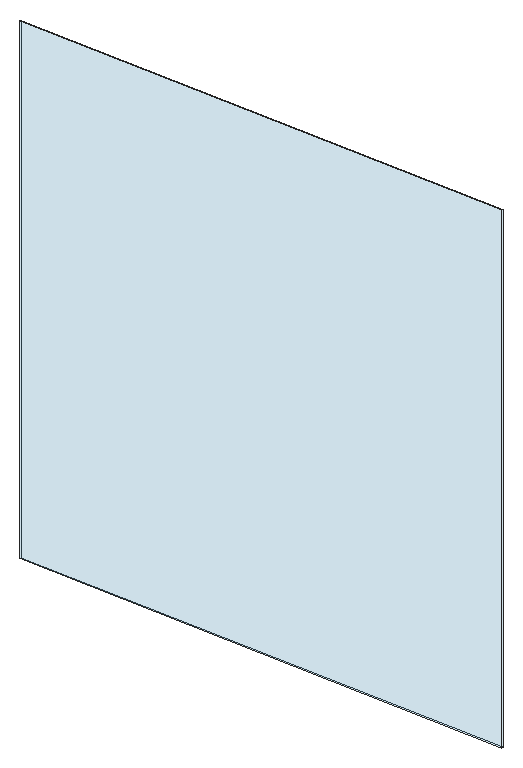
Revit family
Parameters (values of type "72" x 72"")
  Sealant = 0' - 0 3/8"
  SSO [instance] = yes
  SBO [instance] = yes
  Pocket Depth [instance] = 0' - 0 1/2"
  Head Height = Sill Height + Rough Height - Sealant  # 8' - 11 5/8"
  Depth [instance] = 0' - 4 1/2"
  Sill Height = 3' - 0"
  Rough Width = 6' - 0"
  Rough Height = 6' - 0"
  Model = "AR450"
  Material = ""
  Manufacturer = "Arcadia"
  Sightline = 0' - 2 3/8"
  Height = Rough Height - Sealant - Sealant  # 5' - 11 1/4"
  Wall Closure = (empty or 0)
  Width = Rough Width - Sealant - Sealant  # 5' - 11 1/4"
  Glass Thickness [instance] = 0' - 0 1/4"
  Offset to Inside Face of Glass [instance] = 0' - 2 1/8"
  Construction Type = "Aluminum"
  Center of Rough Opening [instance] = Rough Width / 2  # 3' - 0"
  Center of Glass [instance] = Glass Thickness / 2  # 0' - 0 1/8"
  Center Wall to Outside Face [instance] = 0' - 2 7/8"
  CSO [instance] = yes
  Assembly Code = ""
Reference planes (in)
  plane 1 "Center (Front/Back)": y = 0
  plane 2: z = 0
  plane 3 "Center (Left/Right)": x = 12
  plane 4 "Rough Opening Bottom": z = 36
  plane 5 "Rough Opening Top": z = 108
  plane 6 "Exterior Face": y = 3.25
  plane 7 "Frame Top": z = 105.625
  plane 8 "Frame Bottom": z = 38.375
  plane 9 "Rough Opening Left": x = -24
  plane 10 "Rough Opening Right": x = 48
  plane 11 "Frame Left": x = -21.625
  plane 12 "Frame Right": x = 45.625
  plane 13 "Exterior Glass Edge": y = -0.07606
  plane 14 "Interior Glass Edge": y = -0.32606
  plane 15 "Glass Centerline": y = -0.20106
  plane 16 "Frame Outside": y = 2.04894
  plane 17 "Frame Inside": y = -2.45106
  plane 18: z = 106.125
  plane 19: z = 37.875
  plane 20: x = 46.125
  plane 21: x = -22.125
  plane 22: x = -23.625
  plane 23: x = 47.625
  plane 24: z = 107.625
  plane 25: z = 36.375
Forms (in)
  Extrusion 1, solid, material "Anodize Arcadia AC2 Clear #11", detail levels coarse
    sketch origin (0, 0, 36) x (0, -1, 0) y (1, 0, 0)
      loop
        line (-2.04894, -24) -> (2.45106, -24) -> (2.45106, -21.625) -> (0.32606, -21.625) -> (0.32606, -22.125) -> (0.07606, -22.125) -> (0.07606, -21.625) -> (-2.04894, -21.625) -> (-2.04894, -24)
    from 0 to 72 <- "Rough Height"
  Extrusion 2, solid, material "Anodize Arcadia AC2 Clear #11", detail levels coarse
    sketch origin (0, 0, 36) x (0, -1, 0) y (1, 0, 0)
      loop
        line (-2.04894, 45.625) -> (0.07606, 45.625) -> (0.07606, 46.125) -> (0.32606, 46.125) -> (0.32606, 45.625) -> (2.45106, 45.625) -> (2.45106, 48) -> (-2.04894, 48) -> (-2.04894, 45.625)
    from 0 to 72 <- "Rough Height"
  Extrusion 3, solid, material "Glass"
    sketch origin (-0.5, 0, 36) x (0, -1, 0) y (1, 0, 0)
      loop
        line (0.07606, -21.625) -> (0.32606, -21.625) -> (0.32606, 46.625) -> (0.07606, 46.625) -> (0.07606, -21.625)
    from 1.875 to 70.125
  Extrusion 4, solid, material "Anodize Arcadia AC2 Clear #11", detail levels coarse
    sketch origin (-24, 0, 0) x (0, 1, 0) y (0, 0, 1)
      loop
        line (-2.45106, 108) -> (-2.45106, 105.625) -> (-0.32606, 105.625) -> (-0.32606, 106.125) -> (-0.07606, 106.125) -> (-0.07606, 105.625) -> (2.04894, 105.625) -> (2.04894, 108) -> (-2.45106, 108)
    from 0 to 72 <- "Rough Width"
  Extrusion 5, solid, material "Anodize Arcadia AC2 Clear #11", detail levels coarse
    sketch origin (-24, 0, 0) x (0, 1, 0) y (0, 0, 1)
      loop
        line (2.04894, 38.375) -> (-0.07606, 38.375) -> (-0.07606, 37.875) -> (-0.32606, 37.875) -> (-0.32606, 38.375) -> (-2.45106, 38.375) -> (-2.45106, 36) -> (2.04894, 36) -> (2.04894, 38.375)
    from 0 to 72 <- "Rough Width"
  Extrusion 6, void
    sketch origin (0, 0, 36) x (0, -1, 0) y (1, 0, 0)
      loop
        line (-3.25, -24) -> (4.75, -24) -> (4.75, 48) -> (-3.25, 48) -> (-3.25, -24)
    from 0 to 72 <- "Rough Height"
Lines and regions (in)
  symbolic lines, detail levels coarse
    curve 1: line (-24, 2.04894, 0) -> (-21.625, 2.04894, 0)
    curve 2: line (-21.625, 2.04894, 0) -> (-21.625, -0.07606, 0)
    curve 3: line (46.125, -0.07606, 0) -> (-22.125, -0.07606, 0)
    curve 4: line (-22.125, -0.07606, 0) -> (-22.125, -0.32606, 0)
    curve 5: line (-22.125, -0.32606, 0) -> (46.125, -0.32606, 0)
    curve 6: line (-21.625, -0.32606, 0) -> (-21.625, -2.45106, 0)
    curve 7: line (-21.625, -2.45106, 0) -> (-24, -2.45106, 0)
    curve 8: line (-24, -2.45106, 0) -> (-24, 2.04894, 0)
    curve 9: line (48, 2.04894, 0) -> (45.625, 2.04894, 0)
    curve 10: line (45.625, 2.04894, 0) -> (45.625, -0.07606, 0)
    curve 11: line (46.125, -0.07606, 0) -> (46.125, -0.32606, 0)
    curve 12: line (45.625, -0.32606, 0) -> (45.625, -2.45106, 0)
    curve 13: line (45.625, -2.45106, 0) -> (48, -2.45106, 0)
    curve 14: line (48, -2.45106, 0) -> (48, 2.04894, 0)
Text (in)
  text "EXTERIOR" at (-58.6888, 50.90694, 0), in view "Ref. Level"
  text "INTERIOR" at (-58.6888, -37.76638, 0), in view "Ref. Level"
  text "Exterior" at (0, 43.65631, 123.19604), in view "Left"
  text "Exterior" at (0, 18.29385, 125.04747), in view "Right"
Dimensions and locks (in)
  "Rough Height": plane 4 "Rough Opening Bottom" to plane 5 "Rough Opening Top"
  "Sill Height": plane 2 to plane 4 "Rough Opening Bottom"
  "Sightline": plane 7 "Frame Top" to plane 5 "Rough Opening Top"
  "Sightline": plane 4 "Rough Opening Bottom" to plane 8 "Frame Bottom"
  "Rough Width": plane 9 "Rough Opening Left" to plane 10 "Rough Opening Right"
  "Sightline": plane 9 "Rough Opening Left" to plane 11 "Frame Left"
  "Sightline": plane 12 "Frame Right" to plane 10 "Rough Opening Right"
  "Depth": plane 17 "Frame Inside" to plane 16 "Frame Outside"
  "Glass Thickness": plane 13 "Exterior Glass Edge" to plane 14 "Interior Glass Edge"
  "Center of Glass": plane 15 "Glass Centerline" to plane 14 "Interior Glass Edge"
  "Center of Rough Opening": plane 9 "Rough Opening Left" to plane 3 "Center (Left/Right)"
  "Offset to Inside Face of Glass": plane 17 "Frame Inside" to plane 14 "Interior Glass Edge"
  "Pocket Depth": plane 12 "Frame Right" to plane 20
  "Pocket Depth": plane 21 to plane 11 "Frame Left"
  "Pocket Depth": plane 7 "Frame Top" to plane 18
  "Pocket Depth": plane 19 to plane 8 "Frame Bottom"
  "Sealant": plane 9 "Rough Opening Left" to plane 22
  "Sealant": plane 23 to plane 10 "Rough Opening Right"
  "Sealant": plane 24 to plane 5 "Rough Opening Top"
  "Sealant": plane 4 "Rough Opening Bottom" to plane 25
  aligned and locked: plane 6 "Exterior Face" to host wall
  aligned and locked: Extrusion 1 sketch curve to plane 17 "Frame Inside"
  aligned and locked: plane 16 "Frame Outside" to Extrusion 1 sketch curve
  aligned and locked: Extrusion 1 sketch curve to plane 11 "Frame Left"
  aligned and locked: plane 9 "Rough Opening Left" to Extrusion 1 sketch curve
  aligned and locked: plane 12 "Frame Right" to Extrusion 2 sketch curve
  aligned and locked: Extrusion 2 sketch curve to plane 10 "Rough Opening Right"
  aligned and locked: Extrusion 2 sketch curve to plane 17 "Frame Inside"
  aligned and locked: plane 16 "Frame Outside" to Extrusion 2 sketch curve
  aligned and locked: Extrusion 3 sketch curve to plane 13 "Exterior Glass Edge"
  aligned and locked: plane 14 "Interior Glass Edge" to Extrusion 3 sketch curve
  aligned and locked: plane 5 "Rough Opening Top" to Extrusion 4 sketch curve
  aligned and locked: Extrusion 4 sketch curve to plane 7 "Frame Top"
  aligned and locked: Extrusion 4 sketch curve to plane 17 "Frame Inside"
  aligned and locked: plane 16 "Frame Outside" to Extrusion 4 sketch curve
  aligned and locked: Extrusion 5 sketch curve to plane 4 "Rough Opening Bottom"
  aligned and locked: plane 8 "Frame Bottom" to Extrusion 5 sketch curve
  aligned and locked: Extrusion 5 sketch curve to plane 17 "Frame Inside"
  aligned and locked: plane 16 "Frame Outside" to Extrusion 5 sketch curve
  aligned and locked: plane 4 "Rough Opening Bottom" to nested 3
  aligned and locked: nested 2 to plane 5 "Rough Opening Top"
  aligned and locked: Extrusion 3 to plane 21
  aligned and locked: plane 19 to Extrusion 3
  aligned and locked: Extrusion 3 to plane 18
  aligned and locked: plane 17 "Frame Inside" to nested 3
  aligned and locked: plane 17 "Frame Inside" to nested 2
  aligned and locked: nested 4 to plane 9 "Rough Opening Left"
  aligned and locked: nested 4 to plane 16 "Frame Outside"
  aligned and locked: nested 1 to plane 16 "Frame Outside"
  aligned and locked: plane 10 "Rough Opening Right" to nested 1
  aligned and locked: import instance to plane 16 "Frame Outside"  (x7)
  aligned and locked: import instance to plane 4 "Rough Opening Bottom"  (x6)
  aligned and locked: plane 16 "Frame Outside" to import instance  (x5)
  aligned and locked: plane 5 "Rough Opening Top" to import instance  (x3)
  aligned and locked: level to plane 2
  aligned and locked: plane 13 "Exterior Glass Edge" to curve 3
  aligned and locked: curve 4 to plane 21
  aligned and locked: curve 5 to plane 14 "Interior Glass Edge"
  aligned and locked: curve 6 to plane 11 "Frame Left"
  aligned and locked: curve 2 to plane 11 "Frame Left"
  aligned and locked: plane 16 "Frame Outside" to curve 1
  aligned and locked: plane 9 "Rough Opening Left" to curve 8
  aligned and locked: curve 7 to plane 17 "Frame Inside"
  aligned and locked: curve 10 to plane 12 "Frame Right"
  aligned and locked: curve 9 to plane 16 "Frame Outside"
  aligned and locked: plane 10 "Rough Opening Right" to curve 14
  aligned and locked: plane 17 "Frame Inside" to curve 13
  aligned and locked: curve 12 to plane 12 "Frame Right"
  aligned and locked: curve 11 to plane 20
  aligned and locked: plane 9 "Rough Opening Left" to import instance  (x3)
  aligned and locked: plane 10 "Rough Opening Right" to import instance  (x3)
  aligned and locked: plane 4 "Rough Opening Bottom" to import instance  (x3)
  aligned and locked: Extrusion 5 sketch curve to plane 14 "Interior Glass Edge"
  aligned and locked: plane 19 to Extrusion 5 sketch curve
  aligned and locked: plane 13 "Exterior Glass Edge" to Extrusion 5 sketch curve
  aligned and locked: Extrusion 4 sketch curve to plane 14 "Interior Glass Edge"
  aligned and locked: plane 13 "Exterior Glass Edge" to Extrusion 4 sketch curve
  aligned and locked: Extrusion 4 sketch curve to plane 18
  aligned and locked: Extrusion 1 sketch curve to plane 14 "Interior Glass Edge"
  aligned and locked: Extrusion 1 sketch curve to plane 21
  aligned and locked: plane 13 "Exterior Glass Edge" to Extrusion 1 sketch curve
  aligned and locked: plane 14 "Interior Glass Edge" to Extrusion 2 sketch curve
  aligned and locked: Extrusion 2 sketch curve to plane 20
  aligned and locked: Extrusion 2 sketch curve to plane 13 "Exterior Glass Edge"
  aligned and locked: plane 9 "Rough Opening Left" to Extrusion 6 sketch curve
  aligned and locked: plane 6 "Exterior Face" to Extrusion 6 sketch curve
  aligned and locked: host wall to Extrusion 6 sketch curve
  aligned and locked: plane 10 "Rough Opening Right" to Extrusion 6 sketch curve
Automatic sketch dimensions
  Extrusion 3 sketch curve to plane 21 = 0' - 0"
  Extrusion 3 sketch curve to plane 20 = 0' - 0"
  Extrusion 5 sketch curve to plane 8 "Frame Bottom" = 0' - 0"
  Extrusion 4 sketch curve to plane 7 "Frame Top" = 0' - 0"
  Extrusion 1 sketch curve to plane 11 "Frame Left" = 0' - 0"
  Extrusion 2 sketch curve to plane 12 "Frame Right" = 0' - 0"
Nested families (in)
  nested 1: "Window-Arcadia-AR450-Med-Jamb-R" at (46.9375, -0.20106, 0) x (-1, 0, 0) z (0, 0, 1), type "Window-Arcadia-AR450-Med-Jamb-R", detail levels medium
    with Sightline 0' - 2 3/8", Pocket Depth 0' - 0 1/2", Offset to Inside Face of Glass 0' - 2 1/8", Glass Width 0' - 0 1/4", Frame Wall Thickness 0' - 0 3/32", Depth 0' - 4 1/2", Center of Glass 0' - 0 1/8"
  nested 2: "Window-Arcadia-AR450-Med-Head" at (33.875, -0.20106, 108) x (0, -1, 0) z (1, 0, 0), type "Window-Arcadia-AR450-Med-Head", detail levels medium
    with Sightline 0' - 2 3/8", Pocket Depth 0' - 0 1/2", Offset to Inside Face of Glass 0' - 2 1/8", Glass Width 0' - 0 1/4", Frame Wall Thickness 0' - 0 3/32", Depth 0' - 4 1/2", Center of Glass 0' - 0 1/8"
  nested 3: "Window-Arcadia-AR450-Med-Sill" at (33.875, -0.20106, 36) x (0, -1, 0) z (1, 0, 0), type "Window-Arcadia-AR450-Med-Sill", detail levels medium
    with Sightline 0' - 2 3/8", Pocket Depth 0' - 0 1/2", Offset to Inside Face of Glass 0' - 2 1/8", Glass Width 0' - 0 1/4", Frame Wall Thickness 0' - 0 3/32", Depth 0' - 4 1/2", Center of Glass 0' - 0 1/8"
  nested 4: "Window-Arcadia-AR450-Med-Jamb-L" at (-22.9375, -0.20106, 0) x (-1, 0, 0) z (0, 0, 1), type "Window-Arcadia-AR450-Med-Jamb-L", detail levels medium
    with Sightline 0' - 2 3/8", Pocket Depth 0' - 0 1/2", Offset to Inside Face of Glass 0' - 2 1/8", Glass Width 0' - 0 1/4", Frame Wall Thickness 0' - 0 3/32", Depth 0' - 4 1/2", Center of Glass 0' - 0 1/8"
Definition of nested family "Window-Arcadia-AR450-Med-Jamb-R"
  Parameters (values of type "Window-Arcadia-TC670-Med-Jamb-R")
    Depth [instance] = 0' - 6"
    Pocket Depth [instance] = 0' - 0 3/4"
    Offset to Inside Face of Glass [instance] = 0' - 4"
    Glass Width [instance] = 0' - 1"
    Sightline [instance] = 0' - 2 5/8"
    Center of Glass [instance] = Glass Width / 2  # 0' - 0 1/2"
    Frame Wall Thickness [instance] = 0' - 0 3/32"
    Assembly Code = ""
  Reference planes (in)
    plane 1 "Center (Front/Back)": y = 0
    plane 2: z = 0
    plane 3: x = 1.5625
    plane 4 "back": x = -1.0625
    plane 5: y = 4.5
    plane 6: y = -1.5
    plane 7 "Inside Face of Glass": y = 0.5
    plane 8: y = -0.5
    plane 9: x = 0.8125
  Lines and regions (in)
    detail lines, in view "Ref. Level", detail levels medium
      curve 1: line (-1.0625, 4.5, 0) -> (-1.0625, -1.5, 0)
      curve 2: line (-1.0625, -1.5, 0) -> (1.5625, -1.5, 0)
      curve 3: line (1.5625, -1.5, 0) -> (1.5625, -0.5, 0)
      curve 4: line (1.5625, -0.5, 0) -> (0.8125, -0.5, 0)
      curve 5: line (0.8125, -0.5, 0) -> (0.8125, 0.5, 0)
      curve 6: line (0.8125, 0.5, 0) -> (1.5625, 0.5, 0)
      curve 7: line (1.5625, 0.5, 0) -> (1.5625, 4.5, 0)
      curve 8: line (1.5625, 4.5, 0) -> (-1.0625, 4.5, 0)
      curve 9: line (1.46875, 4.40625, 0) -> (-0.96875, 4.40625, 0)
      curve 10: line (-0.96875, 4.40625, 0) -> (-0.96875, -1.40625, 0)
      curve 11: line (-0.96875, -1.40625, 0) -> (1.46875, -1.40625, 0)
      curve 12: line (1.46875, -1.40625, 0) -> (1.46875, -0.59375, 0)
      curve 13: line (1.46875, -0.59375, 0) -> (0.71875, -0.59375, 0)
      curve 14: line (0.71875, -0.59375, 0) -> (0.71875, 0.59375, 0)
      curve 15: line (0.71875, 0.59375, 0) -> (1.46875, 0.59375, 0)
      curve 16: line (1.46875, 0.59375, 0) -> (1.46875, 4.40625, 0)
      curve 17: line (1.5625, 4.5, 0) -> (-1.0625, 4.5, 0)
      curve 18: line (-1.0625, 4.40625, 0) -> (-1.0625, -1.5, 0)
  Dimensions and locks (in)
    "Sightline": plane 4 "back" to plane 3
    "Depth": plane 5 to plane 6
    "Center of Glass": plane 1 "Center (Front/Back)" to plane 7 "Inside Face of Glass"
    "Glass Width": plane 8 to plane 7 "Inside Face of Glass"
    "Pocket Depth": plane 9 to plane 3
    "Offset to Inside Face of Glass": plane 5 to plane 7 "Inside Face of Glass"
    "Frame Wall Thickness": plane 5 to curve 9
    "Frame Wall Thickness": plane 4 "back" to curve 10
    "Frame Wall Thickness": curve 11 to plane 6
    "Frame Wall Thickness": curve 12 to plane 3
    "Frame Wall Thickness": curve 13 to plane 8
    "Frame Wall Thickness": plane 7 "Inside Face of Glass" to curve 15
    "Frame Wall Thickness": curve 14 to plane 9
    "Frame Wall Thickness": curve 16 to plane 3
    aligned and locked: plane 5 to curve 8
    aligned and locked: curve 1 to plane 4 "back"
    aligned and locked: curve 2 to plane 6
    aligned and locked: plane 3 to curve 3
    aligned and locked: curve 4 to plane 8
    aligned and locked: plane 9 to curve 5
    aligned and locked: plane 7 "Inside Face of Glass" to curve 6
    aligned and locked: plane 3 to curve 7
  Automatic sketch dimensions
    curve 18 to curve 9 = 0' - 0"
Definition of nested family "Window-Arcadia-AR450-Med-Head"
  Parameters (values of type "Window-Arcadia-A400-Med-Head")
    Depth [instance] = 0' - 6"
    Pocket Depth [instance] = 0' - 0 1/2"
    Offset to Inside Face of Glass [instance] = 0' - 4"
    Glass Width [instance] = 0' - 1"
    Sightline [instance] = 0' - 2 5/8"
    Center of Glass [instance] = Glass Width / 2  # 0' - 0 1/2"
    Frame Wall Thickness [instance] = 0' - 0 3/32"
    Assembly Code = ""
  Reference planes (in)
    plane 1 "Center (Front/Back)": y = 0
    plane 2: z = 0
    plane 3 "Center (Left/Right)": x = 0
    plane 4: x = -0.5
    plane 5 "Inside Face of Glass": x = 0.5
    plane 6: y = -2.625
    plane 7: x = 4.5
    plane 8: x = -1.5
    plane 9: y = -2.125
  Lines and regions (in)
    detail lines, in view "Ref. Level", detail levels medium
      curve 1: line (-1.5, 0, 0) -> (-1.5, -2.625, 0)
      curve 2: line (-1.5, -2.625, 0) -> (-0.5, -2.625, 0)
      curve 3: line (-0.5, -2.625, 0) -> (-0.5, -2.125, 0)
      curve 4: line (-0.5, -2.125, 0) -> (0.5, -2.125, 0)
      curve 5: line (0.5, -2.125, 0) -> (0.5, -2.625, 0)
      curve 6: line (0.5, -2.625, 0) -> (4.5, -2.625, 0)
      curve 7: line (4.5, -2.625, 0) -> (4.5, 0, 0)
      curve 8: line (4.5, 0, 0) -> (-1.5, 0, 0)
      curve 9: line (-1.40625, -0.09375, 0) -> (-1.40625, -2.53125, 0)
      curve 10: line (4.40625, -0.09375, 0) -> (-1.40625, -0.09375, 0)
      curve 11: line (4.40625, -2.53125, 0) -> (4.40625, -0.09375, 0)
      curve 12: line (0.59375, -2.53125, 0) -> (4.40625, -2.53125, 0)
      curve 13: line (-1.40625, -2.53125, 0) -> (-0.59375, -2.53125, 0)
      curve 14: line (-0.59375, -2.53125, 0) -> (-0.59375, -2.03125, 0)
      curve 15: line (-0.59375, -2.03125, 0) -> (0.59375, -2.03125, 0)
      curve 16: line (0.59375, -2.03125, 0) -> (0.59375, -2.53125, 0)
  Dimensions and locks (in)
    "Sightline": plane 6 to plane 1 "Center (Front/Back)"
    "Depth": plane 8 to plane 7
    "Pocket Depth": plane 6 to plane 9
    "Offset to Inside Face of Glass": plane 5 "Inside Face of Glass" to plane 7
    "Glass Width": plane 4 to plane 5 "Inside Face of Glass"
    "Center of Glass": plane 3 "Center (Left/Right)" to plane 5 "Inside Face of Glass"
    "Frame Wall Thickness": plane 8 to curve 9
    "Frame Wall Thickness": curve 10 to plane 1 "Center (Front/Back)"
    "Frame Wall Thickness": curve 11 to plane 7
    "Frame Wall Thickness": plane 6 to curve 12
    "Frame Wall Thickness": plane 6 to curve 13
    "Frame Wall Thickness": plane 9 to curve 15
    "Frame Wall Thickness": plane 5 "Inside Face of Glass" to curve 16
    "Frame Wall Thickness": curve 14 to plane 4
    aligned and locked: curve 8 to plane 1 "Center (Front/Back)"
    aligned and locked: plane 7 to curve 7
    aligned and locked: curve 1 to plane 8
    aligned and locked: plane 9 to curve 4
    aligned and locked: plane 4 to curve 3
    aligned and locked: plane 6 to curve 2
    aligned and locked: plane 6 to curve 6
  Automatic sketch dimensions
    curve 5 to plane 5 "Inside Face of Glass" = 0' - 0"
Definition of nested family "Window-Arcadia-AR450-Med-Sill"
  Parameters (values of type "Window-Arcadia-A400-Med-Sill")
    Depth [instance] = 0' - 6"
    Pocket Depth [instance] = 0' - 0 1/2"
    Offset to Inside Face of Glass [instance] = 0' - 4"
    Glass Width [instance] = 0' - 1"
    Sightline [instance] = 0' - 2 5/8"
    Center of Glass [instance] = Glass Width / 2  # 0' - 0 1/2"
    Frame Wall Thickness [instance] = 0' - 0 3/32"
    Assembly Code = ""
  Reference planes (in)
    plane 1 "Center (Front/Back)": y = 0
    plane 2: z = 0
    plane 3 "Center (Left/Right)": x = 0
    plane 4: x = -0.5
    plane 5 "Inside Face of Glass": x = 0.5
    plane 6: y = 2.625
    plane 7: x = 4.5
    plane 8: x = -1.5
    plane 9: y = 2.125
  Lines and regions (in)
    detail lines, in view "Ref. Level", detail levels medium
      curve 1: line (-1.5, 2.625, 0) -> (-1.5, 0, 0)
      curve 2: line (-1.5, 0, 0) -> (4.5, 0, 0)
      curve 3: line (4.5, 0, 0) -> (4.5, 2.625, 0)
      curve 4: line (4.5, 2.625, 0) -> (0.5, 2.625, 0)
      curve 5: line (0.5, 2.625, 0) -> (0.5, 2.125, 0)
      curve 6: line (0.5, 2.125, 0) -> (-0.5, 2.125, 0)
      curve 7: line (-0.5, 2.125, 0) -> (-0.5, 2.625, 0)
      curve 8: line (-0.5, 2.625, 0) -> (-1.5, 2.625, 0)
      curve 9: line (-0.59375, 2.53125, 0) -> (-1.40625, 2.53125, 0)
      curve 10: line (-1.40625, 2.53125, 0) -> (-1.40625, 0.09375, 0)
      curve 11: line (-1.40625, 0.09375, 0) -> (4.40625, 0.09375, 0)
      curve 12: line (4.40625, 0.09375, 0) -> (4.40625, 2.53125, 0)
      curve 13: line (4.40625, 2.53125, 0) -> (0.59375, 2.53125, 0)
      curve 14: line (0.59375, 2.53125, 0) -> (0.59375, 2.03125, 0)
      curve 15: line (0.59375, 2.03125, 0) -> (-0.59375, 2.03125, 0)
      curve 16: line (-0.59375, 2.03125, 0) -> (-0.59375, 2.53125, 0)
  Dimensions and locks (in)
    "Pocket Depth": plane 9 to plane 6
    "Sightline": plane 1 "Center (Front/Back)" to plane 6
    "Depth": plane 8 to plane 7
    "Offset to Inside Face of Glass": plane 5 "Inside Face of Glass" to plane 7
    "Glass Width": plane 4 to plane 5 "Inside Face of Glass"
    "Center of Glass": plane 3 "Center (Left/Right)" to plane 5 "Inside Face of Glass"
    "Frame Wall Thickness": curve 9 to plane 6
    "Frame Wall Thickness": plane 8 to curve 10
    "Frame Wall Thickness": plane 1 "Center (Front/Back)" to curve 11
    "Frame Wall Thickness": curve 12 to plane 7
    "Frame Wall Thickness": curve 13 to plane 6
    "Frame Wall Thickness": plane 5 "Inside Face of Glass" to curve 14
    "Frame Wall Thickness": curve 15 to plane 9
    "Frame Wall Thickness": curve 16 to plane 4
    aligned and locked: plane 1 "Center (Front/Back)" to curve 2
    aligned and locked: plane 7 to curve 3
    aligned and locked: curve 1 to plane 8
    aligned and locked: curve 8 to plane 6
    aligned and locked: curve 4 to plane 6
    aligned and locked: curve 6 to plane 9
    aligned and locked: curve 5 to plane 5 "Inside Face of Glass"
    aligned and locked: plane 4 to curve 7
  Automatic sketch dimensions
    curve 7 to plane 9 = 0' - 0"
Definition of nested family "Window-Arcadia-AR450-Med-Jamb-L"
  Parameters (values of type "Window-Arcadia-TC670-Med-Jamb-L")
    Depth [instance] = 0' - 6"
    Pocket Depth [instance] = 0' - 0 1/2"
    Offset to Inside Face of Glass [instance] = 0' - 4"
    Glass Width [instance] = 0' - 1"
    Sightline [instance] = 0' - 2 1/8"
    Center of Glass [instance] = Glass Width / 2  # 0' - 0 1/2"
    Frame Wall Thickness [instance] = 0' - 0 3/32"
    Assembly Code = ""
  Reference planes (in)
    plane 1 "Center (Front/Back)": y = 0
    plane 2: z = 0
    plane 3 "BACK": x = 1.0625
    plane 4 "FRONT": x = -1.0625
    plane 5: y = 1.5
    plane 6: y = -4.5
    plane 7 "Inside Face of Glass": y = 0.5
    plane 8: y = -0.5
    plane 9: x = -0.5625
  Lines and regions (in)
    detail lines, in view "Ref. Level", detail levels medium
      curve 1: line (1.0625, 1.5, 0) -> (1.0625, -4.5, 0)
      curve 2: line (1.0625, -4.5, 0) -> (-1.0625, -4.5, 0)
      curve 3: line (-1.0625, -4.5, 0) -> (-1.0625, -0.5, 0)
      curve 4: line (-1.0625, -0.5, 0) -> (-0.5625, -0.5, 0)
      curve 5: line (-0.5625, -0.5, 0) -> (-0.5625, 0.5, 0)
      curve 6: line (-0.5625, 0.5, 0) -> (-1.0625, 0.5, 0)
      curve 7: line (-1.0625, 0.5, 0) -> (-1.0625, 1.5, 0)
      curve 8: line (-1.0625, 1.5, 0) -> (1.0625, 1.5, 0)
      curve 9: line (-0.96875, 1.40625, 0) -> (0.96875, 1.40625, 0)
      curve 10: line (-0.96875, 0.59375, 0) -> (-0.96875, 1.40625, 0)
      curve 11: line (-0.46875, 0.59375, 0) -> (-0.96875, 0.59375, 0)
      curve 12: line (-0.46875, -0.59375, 0) -> (-0.46875, 0.59375, 0)
      curve 13: line (-0.96875, -0.59375, 0) -> (-0.46875, -0.59375, 0)
      curve 14: line (-0.96875, -4.40625, 0) -> (-0.96875, -0.59375, 0)
      curve 15: line (0.96875, -4.40625, 0) -> (-0.96875, -4.40625, 0)
      curve 16: line (0.96875, 1.40625, 0) -> (0.96875, -4.40625, 0)
  Dimensions and locks (in)
    "Depth": plane 5 to plane 6
    "Pocket Depth": plane 4 "FRONT" to plane 9
    "Sightline": plane 4 "FRONT" to plane 3 "BACK"
    "Glass Width": plane 8 to plane 7 "Inside Face of Glass"
    "Center of Glass": plane 1 "Center (Front/Back)" to plane 7 "Inside Face of Glass"
    "Frame Wall Thickness": plane 4 "FRONT" to curve 10
    "Frame Wall Thickness": plane 5 to curve 9
    "Frame Wall Thickness": curve 15 to plane 6
    "Frame Wall Thickness": curve 13 to plane 8
    "Frame Wall Thickness": plane 9 to curve 12
    "Frame Wall Thickness": plane 7 "Inside Face of Glass" to curve 11
    "Frame Wall Thickness": plane 4 "FRONT" to curve 14
    "Offset to Inside Face of Glass": plane 6 to plane 8
    aligned and locked: curve 8 to plane 5
    aligned and locked: curve 1 to plane 3 "BACK"
    aligned and locked: plane 6 to curve 2
    aligned and locked: curve 3 to plane 4 "FRONT"
    aligned and locked: plane 8 to curve 4
    aligned and locked: plane 9 to curve 5
    aligned and locked: curve 6 to plane 7 "Inside Face of Glass"
    aligned and locked: plane 4 "FRONT" to curve 7
  Automatic sketch dimensions
    curve 16 to plane 3 "BACK" = 0' - 0 3/32"
